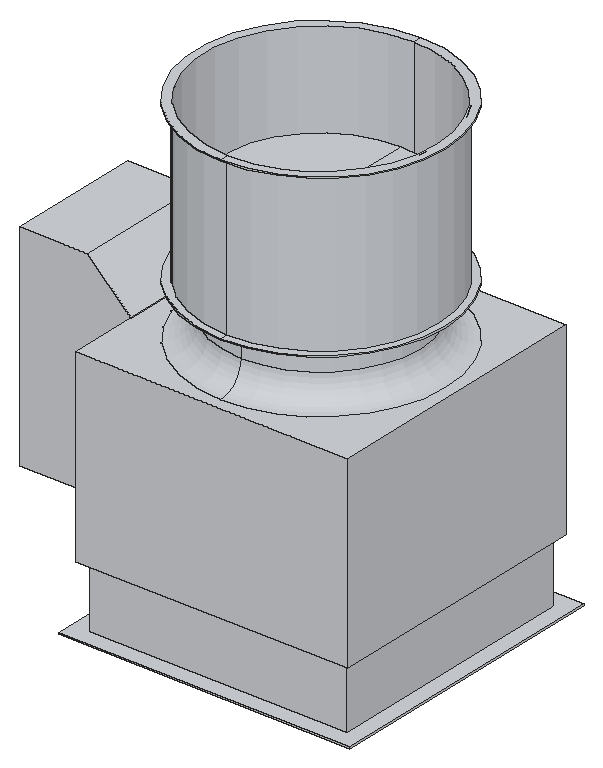
Revit family "LXUMMO", category Mechanical Equipment, Revit 2019
Family settings
  Round Connector Dimension = Use Diameter
  Part Type = Normal
  Work Plane-Based = No
  Always vertical = Yes
  Cut with Voids When Loaded = No
  Shared = No
  Room Calculation Point = No
Parameters (values of type "20_LXUMMO")
  T_SQ/4 = T_SQ / 4  # 7 29/32"
  RO = T_SQ - 4 1/2"  # 27 1/8"
  Unit Weight [instance] = "250"
  T_SQ/2 = T_SQ / 2  # 15 13/16"
  T_SQ = 31 5/8"
  Sones [instance] = ""
  RO/2 = RO / 2  # 13 9/16"
  Motor RPM [instance] = ""
  Motor Enclosure [instance] = ""
  ModelID [instance] = ""
  LwA [instance] = ""
  Fan RPM [instance] = ""
  CH [instance] = if(CURB, CURB_HEIGHT, 0")  # 9 1/2"
  BASE_LOCATION [instance] = if(CURB, CURB_HEIGHT - 2", 0")  # 7 1/2"
  B = 22"
  CURB_HEIGHT [instance] = 9 1/2"
  CURB [instance] = yes
  WB HEIGHT = C / 4 * 3  # 18 27/32"
  C/2 = C / 2  # 12 9/16"
  C = 25 1/8"
  Accessories [instance] = ""
  D/2 = D / 2  # 13 5/8"
  D = 27 1/4"
  A = 44 13/16"
  3" = 3"  # constant formula
  Brake Hp [instance] = ""
  4" = 4"  # constant formula
  2' = 24"
  2" = 2"  # constant formula
  1' = 12"  # constant formula
  1" = 1"  # constant formula
  0 = 0"  # constant formula
  Voltage [instance] = 0 V
  URL = "www.lorencook.com"
  Type Comments = "Upblast Exhaust Ventilator Low Pressure X-Stream Propeller Roof Mounted/Belt Drive"  # constant formula
  Static Pressure [instance] = 0.00 in-wg
  Power [instance] = Voltage * Motor FLA * sqrt(if(Phase = 3, 3, 1))  # 0 VA
  Phase [instance] = 0
  Number of Poles [instance] = 1
  Motor Hp [instance] = "0"
  Motor FLA [instance] = 0 A
  Model = "LXULMO"  # constant formula
  Manufacturer = "Loren Cook Company"
  CFM [instance] = 0 CFM
  1.5 = 1 1/2"  # constant formula
  ONE EIGTH = 1/8"  # constant formula
  -T_SQ/4 = -T_SQ / 4  # -7 29/32"
  -D+4" = -15"
  -D+2" = -17"
  -D = -19"
  (T_SQ/2)+.125" = (T_SQ / 2) + 1/8"  # 15 15/16"
  (D/2)-2" = (D / 2) - 2"  # 11 5/8"
Types (9): name | T_SQ/4 | RO | Unit Weight | T_SQ/2 | T_SQ | RO/2 | B | WB HEIGHT | C/2 | C | D/2 | D | A | -T_SQ/4 | -D+4" | -D+2" | -D | (T_SQ/2)+.125" | (D/2)-2"
  (no name) | 7 29/32" | 27 1/8" | "250" | 15 13/16" | 31 5/8" | 13 9/16" | 22" | 18 27/32" | 12 9/16" | 25 1/8" | 13 5/8" | 27 1/4" | 44 13/16" | -7 29/32" | -15" | -17" | -19" | 15 15/16" | 11 5/8"
  20_LXUMMO | 7 29/32" | 27 1/8" | "250" | 15 13/16" | 31 5/8" | 13 9/16" | 22" | 18 27/32" | 12 9/16" | 25 1/8" | 13 5/8" | 27 1/4" | 44 13/16" | -7 29/32" | -15" | -17" | -19" | 15 15/16" | 11 5/8"
  24_LXUMMO | 8 29/32" | 31 1/8" | "" | 17 13/16" | 35 5/8" | 15 9/16" | 22" | 20 1/16" | 13 3/8" | 26 3/4" | 15 5/8" | 31 1/4" | 48 13/16" | -8 29/32" | -14" | -16" | -18" | 17 15/16" | 13 5/8"
  30_LXUMMO | 10 13/32" | 37 1/8" | "" | 20 13/16" | 41 5/8" | 18 9/16" | 22" | 25 5/16" | 16 7/8" | 33 3/4" | 18 5/8" | 37 1/4" | 54 13/16" | -10 13/32" | -14" | -16" | -18" | 20 15/16" | 16 5/8"
  36_LXUMMO | 11 29/32" | 43 1/8" | "" | 23 13/16" | 47 5/8" | 21 9/16" | 24" | 28 1/2" | 19" | 38" | 21 5/8" | 43 1/4" | 64 13/16" | -11 29/32" | -14" | -16" | -18" | 23 15/16" | 19 5/8"
  42_LXUMMO | 13 13/32" | 49 1/8" | "" | 26 13/16" | 53 5/8" | 24 9/16" | 24" | 34 25/32" | 23 3/16" | 46 3/8" | 24 5/8" | 49 1/4" | 70 11/16" | -13 13/32" | -14" | -16" | -18" | 26 15/16" | 22 5/8"
  48_LXUMMO | 14 29/32" | 55 1/8" | "" | 29 13/16" | 59 5/8" | 27 9/16" | 24" | 37 7/32" | 24 13/16" | 49 5/8" | 27 5/8" | 55 1/4" | 76 11/16" | -14 29/32" | -17" | -19" | -21" | 29 15/16" | 25 5/8"
  54_LXUMMO | 16 13/32" | 61 1/8" | "" | 32 13/16" | 65 5/8" | 30 9/16" | 28" | 36" | 24" | 48" | 30 5/8" | 61 1/4" | 83 11/16" | -16 13/32" | -21" | -23" | -25" | 32 15/16" | 28 5/8"
  60_LXUMMO | 17 29/32" | 67 1/8" | "" | 35 13/16" | 71 5/8" | 33 9/16" | 32" | 38 1/16" | 25 3/8" | 50 3/4" | 33 5/8" | 67 1/4" | 93 11/16" | -17 29/32" | -21" | -23" | -25" | 35 15/16" | 31 5/8"
Reference planes (in)
  plane 1 "Center (Front/Back)": y = 0
  plane 2: z = 0
  plane 3 "Center (Left/Right)": x = 0.40541
  plane 4: z = 9.5
  plane 5: z = 7.5
Forms (in)
  Extrusion 1, solid
    sketch origin (-23.38441, -180, 7.5) x (-1, 0, 0) y (0, -1, 0)
      loop
        line (-7.85233, -195.9375) -> (-7.85233, -164.0625) -> (-39.72733, -164.0625) -> (-39.72733, -195.9375) -> (-7.85233, -195.9375)
    from 0 to 22 <- "B"
  Extrusion 2, void
    sketch origin (-23.38441, -180, 29.5) x (0, -1, 0) y (-1, 0, 0)
      loop
        line (-195.8125, -7.97733) -> (-195.8125, -39.60233) -> (-164.1875, -39.60233) -> (-164.1875, -7.97733) -> (-195.8125, -7.97733)
    from 0.125 to 22 <- "B"
  Revolve 3, solid
    sketch origin (0.40541, 0, 0) x (0, 1, 0) y (0, 0, 1)
      loop
        line (0, 29.5) -> (0, 44.5) -> (-11.625, 44.5) -> (-11.625, 32.5)
        arc (-11.625, 32.5) -> (-12.50368, 30.37868) -> (-14.625, 29.5) r 3
        line (-14.625, 29.5) -> (0, 29.5)
      axis (0, 29.5) -> (0, 44.5)
    angle from 0 to 360
  Revolve 4, solid
    sketch origin (0.40541, 0, 0) x (0, 1, 0) y (0, 0, 1)
      loop
        line (-14.625, 54.625) -> (-14.625, 54.5) -> (-13.75, 54.5) -> (-13.75, 35.90625) -> (-14.625, 35.90625) -> (-14.625, 35.78125) -> (-13.625, 35.78125) -> (-13.625, 54.625) -> (-14.625, 54.625)
      axis (0, 35.78125) -> (0, 54.625)
    angle from 0 to 360
  Extrusion 5, solid, visible <- "CURB"
    sketch origin (27.16619, -180, 9.5) x (0, -1, 0) y (-1, 0, 0)
      loop
        line (-193.5625, 40.32327) -> (-193.5625, 13.19827) -> (-166.4375, 13.19827) -> (-166.4375, 40.32327) -> (-193.5625, 40.32327)
      loop
        line (-164.9375, 11.69827) -> (-164.9375, 41.82327) -> (-195.0625, 41.82327) -> (-195.0625, 11.69827) -> (-164.9375, 11.69827)
    from 0 to 9.5 <- "CURB_HEIGHT"
  Extrusion 6, solid, visible <- "CURB"
    sketch origin (27.16619, -180, 0) x (1, 0, 0) y (0, -1, 0)
      loop
        line (-41.82327, -195.0625) -> (-11.69827, -195.0625) -> (-11.69827, -164.9375) -> (-41.82327, -164.9375) -> (-41.82327, -195.0625)
      loop
        line (-43.82327, -197.0625) -> (-9.69827, -197.0625) -> (-9.69827, -162.9375) -> (-43.82327, -162.9375) -> (-43.82327, -197.0625)
    from 0 to -0.125
  Extrusion 7, solid
    sketch origin (0, 0, 0) x (1, 0, 0) y (0, 0, 1)
      loop
        line (-15.53209, 9.5) -> (-15.53209, 29.5) -> (-20.53209, 34.5) -> (-28.46959, 34.5) -> (-28.46959, 9.5) -> (-15.53209, 9.5)
    from 7.90625 <- "T_SQ/4" to -7.90625 <- "-T_SQ/4"
  Extrusion 8, solid
    sketch origin (27.16619, -180, 9.5) x (0, -1, 0) y (-1, 0, 0)
      loop
        line (-195.8125, 42.57327) -> (-195.8125, 10.94827) -> (-164.1875, 10.94827) -> (-164.1875, 42.57327) -> (-195.8125, 42.57327)
      loop
        line (-164.9375, 11.69827) -> (-164.9375, 41.82327) -> (-195.0625, 41.82327) -> (-195.0625, 11.69827) -> (-164.9375, 11.69827)
    from 0 to -0.125
Cuts and joins
  Extrusion 2 cuts Extrusion 1
Dimensions and locks (in)
  "(T_SQ/2)+.125"": Extrusion 1 sketch curve to plane 3 "Center (Left/Right)"
  "(T_SQ/2)+.125"": plane 3 "Center (Left/Right)" to Extrusion 1 sketch curve
  "(T_SQ/2)+.125"": plane 1 "Center (Front/Back)" to Extrusion 1 sketch curve
  "(T_SQ/2)+.125"": Extrusion 1 sketch curve to plane 1 "Center (Front/Back)"
  "T_SQ/2": Extrusion 2 sketch curve to plane 3 "Center (Left/Right)"
  "T_SQ/2": plane 3 "Center (Left/Right)" to Extrusion 2 sketch curve
  "T_SQ/2": plane 1 "Center (Front/Back)" to Extrusion 2 sketch curve
  "T_SQ/2": Extrusion 2 sketch curve to plane 1 "Center (Front/Back)"
  "(D/2)-2"": plane 1 "Center (Front/Back)" to Revolve 3 sketch curve
  "1'": Revolve 3 sketch curve to Revolve 3 sketch curve
  "0": Revolve 3 sketch curve to cut or joined group of Extrusion 1, Extrusion 2
  "0": Revolve 3 sketch curve to plane 1 "Center (Front/Back)"  (x2)
  "D/2": plane 1 "Center (Front/Back)" to Revolve 4 sketch curve
  "ONE EIGTH": Revolve 4 sketch curve to Revolve 4 sketch curve  (x3)
  "C": Revolve 4 sketch curve to cut or joined group of Extrusion 1, Extrusion 2
  "1"": Revolve 4 sketch curve to Revolve 4 sketch curve  (x2)
  "WB HEIGHT": Revolve 4 sketch curve to Revolve 4 sketch curve
  "0": Revolve 4 sketch curve to plane 1 "Center (Front/Back)"
  "1.5": Extrusion 5 sketch curve to Extrusion 5 sketch curve  (x4)
  "RO/2": Extrusion 5 sketch curve to plane 3 "Center (Left/Right)"
  "RO/2": plane 3 "Center (Left/Right)" to Extrusion 5 sketch curve
  "RO/2": plane 1 "Center (Front/Back)" to Extrusion 5 sketch curve
  "RO/2": Extrusion 5 sketch curve to plane 1 "Center (Front/Back)"
  "0": Extrusion 5 to Extrusion 6 sketch curve  (x2)
  "0": Extrusion 6 sketch curve to Extrusion 5  (x2)
  "CH": plane 4 to level
  "BASE_LOCATION": plane 5 to level
  locked: Extrusion 7 sketch curve to plane 5 at 2
  "A": cut or joined group of Extrusion 1, Extrusion 2 to Extrusion 7 sketch curve
  "2"": Extrusion 6 sketch curve to Extrusion 6 sketch curve  (x4)
  "3"": radius of Revolve 3 sketch curve
  aligned and locked: Extrusion 7 sketch curve to cut or joined group of Extrusion 1, Extrusion 2
  aligned and locked: cut or joined group of Extrusion 1, Extrusion 2 to Extrusion 7 sketch curve
  aligned and locked: Extrusion 8 sketch curve to cut or joined group of Extrusion 1, Extrusion 2  (x4)
  aligned and locked: Extrusion 8 sketch curve to Extrusion 5  (x4)
Automatic sketch dimensions
  Revolve 3 sketch curve to Revolve 3 sketch curve = 0"
  Revolve 3 sketch curve to Revolve 3 sketch curve = 2 1/4"
  Revolve 4 sketch curve to Revolve 4 sketch curve = 1 3/4"
  Revolve 4 sketch curve to Revolve 4 sketch curve = 2"
  Extrusion 7 sketch curve to Extrusion 7 sketch curve = 5"  (x2)
Connectors (in)
  hvac at (0.40541, 0, 9.5), driven by "CFM", driven by "RO", driven by "RO"
    settings: on Extrusion 8, index 4, duct flow 0 CFM, flow factor 0, pres drop 0.00 in-wg, loss coef 0, conn angle 0.00°, conn width 27 1/8", conn height 27 1/8", conn diameter 24", duct sys type 3, conn prof type 1, flow config 0, flow direction 1, loss method 0, conn ref index -1, conn util no, is conn primary yes, conn desc ""
  electrical at (-22.00084, 0, 9.5), driven by "Number of Poles", driven by "Voltage", driven by "Power"
    settings: on Extrusion 7, index 5, voltage 0 V, apparent load 0 VA, apparent load phase1 0 VA, apparent load phase2 0 VA, apparent load phase3 0 VA, power factor 1, load classification "Other", number of poles 1, system type 30, power factor state 1, is connector primary yes, connector utility no, sub classification motor no, connector description ""
